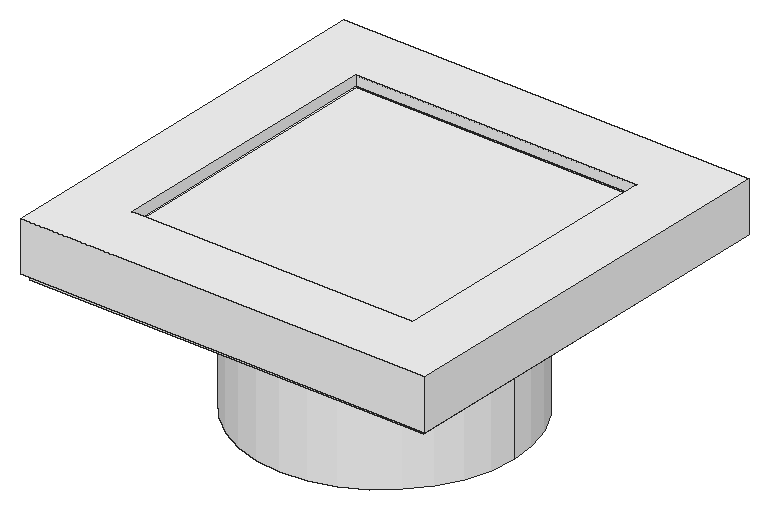
Revit family "Gira_291600", category Electrical Fixtures, host Face, Revit 2017
Family settings
  Host = Face
  Maintain Annotation Orientation = Yes
  Round Connector Dimension = Use Diameter
  Part Type = Normal
  Cut with Voids When Loaded = No
  Shared = No
  Room Calculation Point = No
Parameters (values of type "Call mod. emergency set System 55")
  White [instance] = White
  URL = "http://katalog.gira.de/en/datenblatt.html?artikelnr=291600"
  Type of power supply = "Bus system"
  Type of indication = "Light signalling unit"
  Suitable for bus connection = "2-wire"
  Name = "Call mod. emergency set System 55"
  Model = ""
  Material quality = "Other"
  Material = "Other"
  Manufacturer URL = "https://www.gira.de/"
  Manufacturer = "Gira"
  Indication = "Other"
  HeinzeBIM = "https://bimportal.heinze.de/bim/call-mod-emergency-set-system-55/304f67b7913704dde20b1641983321b141bd33a6"
  HAN = "291600"
  GTIN = "4010337071365"
  Description = "Call mod.emerg.set Sys55,Call module for the emergency set,System 55,Program-neutral,Features:,- The call module is a component of the emergency set.,- The call module includes the electronics, the signal light, and the buzzer of the emergency set.,- A zero-voltage contact is provided for the duration of the emergency call.,- The visual and acoustic signal can be optionally set from continuous light   continuous tone to flashing light   emergency call using jumpers.,,Notes :,- For follow-up ordering if the emergency set should be expanded."
  Default Elevation = 1219.2 mm
  Data sheet (1) = "https://katalog.gira.de/en/download.html?artikelnr=291600"
  Construction = "Wall mounting"
  Colour = "Red"
  Category = "Indication element clinic-installation"
  BIM (1) = "https://media.stage.bim.site/public/gira/36a6b08/Sys55_Komplettgerät_Schalten und Tasten.rfa?public/gira/36a6b08/Sys55_Komplettgerät_Schalten und Tasten.rfa"
  Available = "No"
  Assembly arrangement = "Basic element"
Reference planes
  plane 1 "Center (Front/Back)": y = 0
  plane 2: z = 0
  plane 3 "Center (Left/Right)": x = 0
Forms (mm)
  Extrusion 1, solid, material "White" <- "White", detail levels medium
    sketch origin (0, 0, 0) x (1, 0, 0) y (0, 1, 0)
      loop
        line (-40.4, 40.4) -> (-40.4, -40.4) -> (40.4, -40.4) -> (40.4, 40.4) -> (-40.4, 40.4)
      loop
        line (-28, 28) -> (-28, -28) -> (28, -28) -> (28, 28) -> (-28, 28)
    from 0 to 10
  Extrusion 2, solid, material "White" <- "White", detail levels fine
    sketch origin (0, 0, 0) x (1, 0, 0) y (0, 1, 0)
      loop
        line (-40.4, 40.4) -> (-40.4, -40.4) -> (40.4, -40.4) -> (40.4, 40.4) -> (-40.4, 40.4)
      loop
        line (-28, 28) -> (-28, -28) -> (28, -28) -> (28, 28) -> (-28, 28)
    from 0 to 10
  Extrusion 3, void
    sketch origin (0, 0, 0) x (1, 0, 0) y (0, 1, 0)
      loop
        line (-38.4, 38.4) -> (-38.4, -38.4) -> (38.4, -38.4) -> (38.4, 38.4) -> (-38.4, 38.4)
    from 0 to 8
  Extrusion 4, solid, material "White" <- "White", detail levels medium+fine
    sketch origin (0, 0, 0) x (1, 0, 0) y (0, 1, 0)
      loop
        line (-39.4, 39.4) -> (-39.4, -39.4) -> (39.4, -39.4) -> (39.4, 39.4) -> (-39.4, 39.4)
    from 0 to -1
  Extrusion 5, solid, material "White" <- "White", detail levels medium+fine
    sketch origin (0, 0, 0) x (1, 0, 0) y (0, 1, 0)
      loop
        line (-35.5, 35.5) -> (-35.5, -35.5) -> (35.5, -35.5) -> (35.5, 35.5) -> (-35.5, 35.5)
    from -2 to -3
  Extrusion 6, solid, material "White" <- "White", detail levels medium+fine
    sketch origin (0, 0, 0) x (1, 0, 0) y (0, 1, 0)
      loop
        circle (0, 0) r 26
    from 0 to -27.5
  Extrusion 7, solid, material "White" <- "White", detail levels coarse
    sketch origin (0, 0, 0) x (1, 0, 0) y (0, 1, 0)
      loop
        line (-40.4, 40.4) -> (-40.4, -40.4) -> (40.4, -40.4) -> (40.4, 40.4) -> (-40.4, 40.4)
    from -27.5 to 10
Cuts and joins
  Extrusion 3 cuts Extrusion 2
Dimensions and locks
  aligned and locked: plane 2 to host face
  aligned and locked: level to host face
  aligned and locked: plane 3 "Center (Left/Right)" to nested 2
  aligned and locked: plane 1 "Center (Front/Back)" to nested 2
Nested families
  nested 1: "Sys55_Abdeckung_Schalten und Tasten_floor_base" at (0, 0, 0), type "Sys55_Abdeckung_Schalten und Tasten_floor_base"
  nested 2: "Schalter" at (0, 0, 0), type "Schalter"
Connectors
  electrical at (0, 0, -27.5)
    settings: on Extrusion 6, index 1, voltage 220 V, apparent load 0 VA, apparent load phase1 0 VA, apparent load phase2 0 VA, apparent load phase3 0 VA, power factor 1, load classification "Other", number of poles 1, system type 30, power factor state 1, is connector primary yes, connector utility no, sub classification motor no, connector description ""
Definition of nested family "Sys55_Abdeckung_Schalten und Tasten_floor_base"
  Parameters
    Default Elevation = 1219.2 mm
    White [instance] = none
  Reference planes
    plane 1 "Center (Front/Back)": y = 0
    plane 2: z = 0
    plane 3 "Center (Left/Right)": x = 0
  Forms (mm)
    Extrusion 1, solid
      sketch origin (0, 0, 0) x (1, 0, 0) y (0, 1, 0)
        loop
          line (-1219.2, 1219.2) -> (-1219.2, -1219.2) -> (1219.2, -1219.2) -> (1219.2, 1219.2) -> (-1219.2, 1219.2)
      from 0 to -304.8
    Extrusion 2, solid, material <- "White", detail levels fine
      sketch origin (0, 0, 0) x (1, 0, 0) y (0, 1, 0)
        loop
          line (-27.5, 27.5) -> (-27.5, -27.5) -> (27.5, -27.5) -> (27.5, 27.5) -> (-27.5, 27.5)
      from 0 to 8
    Extrusion 3, void
      sketch origin (0, 0, 0) x (1, 0, 0) y (0, 1, 0)
        loop
          line (26, 26) -> (-26, 26) -> (-26, -26) -> (26, -26) -> (26, 26)
      from 0 to 6
    Extrusion 4, solid, material <- "White", detail levels medium
      sketch origin (0, 0, 0) x (1, 0, 0) y (0, 1, 0)
        loop
          line (-27.5, 27.5) -> (-27.5, -27.5) -> (27.5, -27.5) -> (27.5, 27.5) -> (-27.5, 27.5)
      from 0 to 8
    Extrusion 5, solid, material <- "White", detail levels medium
      sketch origin (0, 0, 0) x (1, 0, 0) y (0, 1, 0)
        loop
          line (11, -17.5) -> (11, 17.5) -> (-11, 17.5) -> (-11, -17.5) -> (11, -17.5)
      from -6 to 6
    Extrusion 6, solid, material <- "White", detail levels fine
      sketch origin (0, 0, 0) x (1, 0, 0) y (0, 1, 0)
        loop
          line (11, 17.5) -> (-11, 17.5) -> (-11, 16.5) -> (11, 16.5) -> (11, 17.5)
        loop
          line (-11, -16.5) -> (-11, -17.5) -> (11, -17.5) -> (11, -16.5) -> (-11, -16.5)
      from -4 to 6
    Extrusion 7, solid, material <- "White", detail levels fine
      sketch origin (0, 0, 0) x (1, 0, 0) y (0, 1, 0)
        loop
          arc (5, 9.347) -> (0, 10.6) -> (-5, 9.347) r 10.6
          line (-5, 9.347) -> (-5, -9.347)
          arc (-5, -9.347) -> (0, -10.6) -> (5, -9.347) r 10.6
          line (5, -9.347) -> (5, 9.347)
      from -6 to 6
    Extrusion 8, solid, material <- "White", detail levels coarse
      sketch origin (0, 0, 0) x (1, 0, 0) y (0, 1, 0)
        loop
          line (-27.5, 27.5) -> (-27.5, -27.5) -> (27.5, -27.5) -> (27.5, 27.5) -> (-27.5, 27.5)
      from -6 to 8
  Cuts and joins
    Extrusion 3 cuts Extrusion 2
  Dimensions and locks
    aligned and locked: plane 2 to Extrusion 1
    aligned and locked: level to Extrusion 1
Definition of nested family "Schalter"
  Reference planes
    plane 1: y = 0
    plane 2: x = 0
  Lines and regions (mm)
    detail lines
      curve 1: circle (1.375, 2.778, 0) r 0.8 normal (0, 0, 1)
      curve 2: line (1.021, 2.061, 0) -> (0, 0, 0)
      curve 3: line (0, 0, 0) -> (-0.538, 0.266, 0)
  Dimensions and locks
    curve 2 to curve 2 = 2.3 mm
    curve 3 to curve 2 = 0.6 mm
    radius of curve 1 = 0.8 mm
